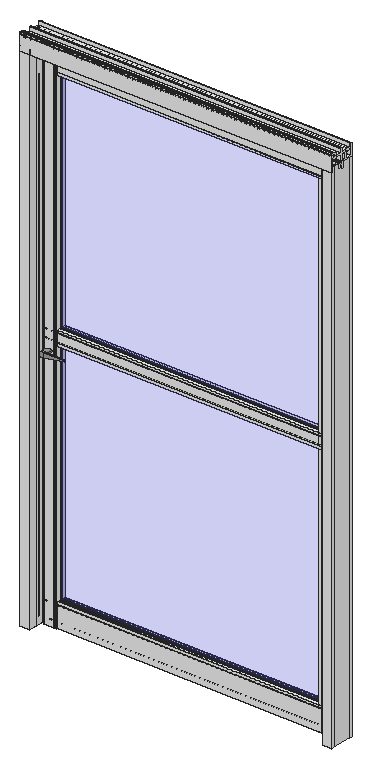
Revit family "Door-Systems_Health-Care_TX9650SR_Single-Left-Hand-Outswing-SOLH-Smoke-Rated_Tormax", category Doors, host Wall, Revit 2026
Family settings
  Host = Wall
  Classification Number = 23.30.10.00
  Always vertical = Yes
  Cut with Voids When Loaded = No
  Shared = No
  Room Calculation Point = No
Parameters
  URL = "https://www.tormaxusa.com/en/90/tx9650/"
  Thickness = 0' - 1.75092"
  Specification = "https://www.arcat.com/company/tormax-usa-inc-43969/spec"
  Rough Width = Width + (Thickness * 2)  # 4' - 9.50184"
  Rough Height = Height + 0' 2 3/16"  # 8' - 2 3/16"
  Product Page URL = "https://www.arcat.com/arcatcos/cos43/arc43969.html"
  Model = "TX9650SR"
  Manufacturer = "TORMAX USA Inc."
  Keynote = "08 42 43"
  Handle Height = 4' - 0"
  Handle = Stainless Steel
  Glass = Glass
  Function = Interior
  Frame Projection Ext. = 0' - 1"
  Frame Projection Int. = 0' - 1"
  Frame Width = 0' - 3"
  Height = 8' - 0"
  Wall Closure = By host
  Width = 4' - 6"
  Door Width = 3' - 6"
  Door Frame = Alluminum
  Description = "Tormax Health Care Door System (HCD) - TX9650R Manual Single Outswing Door Operator - Package as Specified"
  Define Thermal Properties by = Schematic Type
  Copyright = "©Arcat Inc."
  CAD Details = "https://www.arcat.com/company/tormax-usa-inc-43969/cad"
  Analytic Construction = "<None>"
Reference planes (in)
  plane 1 "Center (Front/Back)": y = 0
  plane 2 "Center (Left/Right)": x = 0
  plane 3 "Left": x = -27
  plane 4 "Right": x = 27
  plane 5 "Top": z = 96
  plane 6 "Exterior": y = 3
  plane 7 "Interior": y = -3
  plane 8: x = 28.75092
  plane 9: x = -28.75092
  plane 10: z = 98.1875
Forms (in)
  Sweep 1, solid, material "Alluminum" <- "Door Frame"
    path origin (0, 3, 0) x (1, 0, 0) y (0, 0, 1)
      loop
        line (-28.75092, 96) -> (28.75092, 96)
    profile "Head Profile : Head Profile" origin (0, 3, 96) x (0, 0, 1) y (0, -1, 0)
      loop
        line (2.07087, 0.00447) -> (2.07087, 0.07016) -> (2.12147, 0.07016) -> (2.12147, 0.11542) -> (0.13049, 0.11542) -> (0.13049, 1.28332) -> (1.28703, 1.28332) -> (1.28703, 1.96647) -> (1.16941, 1.96647) -> (1.16941, 1.40933) -> (0.13049, 1.40933) -> (0.13049, 2.11742) -> (-0.34046, 2.11742) -> (-0.34046, 2.54333) -> (-0.44964, 2.54333) -> (-0.44964, 2.12523) -> (-1.05347, 2.12523) -> (-1.05347, 2.00594) -> (-0.86973, 2.00594) -> (-0.86973, 2.08776) -> (-0.73733, 2.08776) -> (-0.73733, 2.00594) -> (0.0037, 2.00594) -> (0.0037, 0.00447) -> (2.07087, 0.00447)
      loop
        line (1.89903, 4.5) -> (-0.80074, 4.5) -> (-0.80074, 4.39128) -> (1.71219, 4.39128) -> (1.71219, 4.26217) -> (1.6199, 4.26217)
        arc (1.6199, 4.26217) -> (1.58463, 4.166) -> (1.68682, 4.17308) r 0.06103
        line (1.68682, 4.17308) -> (1.81028, 4.17308)
        arc (1.81028, 4.17308) -> (1.83465, 4.17856) -> (1.85254, 4.19598) r 0.04595
        line (1.85254, 4.19598) -> (1.8994, 4.27716) -> (2.00592, 4.27716) -> (2.00592, 4.41638) -> (1.89903, 4.41638) -> (1.89903, 4.5)
      loop
        line (2.19145, 0) -> (2.19145, 0.25029) -> (1.55712, 0.25029) -> (1.55712, 2.13246) -> (2.18204, 2.13246) -> (2.18204, 2.38356) -> (1.5572, 2.38356) -> (1.5572, 3.50069) -> (1.67788, 3.50069)
        arc (1.67788, 3.50069) -> (2.0468, 3.66107) -> (2.18116, 4.04025) r 0.50449
        line (2.18116, 4.04025) -> (2.18116, 4.2426) -> (2.19145, 4.28099) -> (2.19145, 4.5) -> (1.97839, 4.5) -> (1.97839, 4.46002) -> (2.02062, 4.44841)
        arc (2.02062, 4.44841) -> (2.07942, 4.19256) -> (2.00844, 3.93981) r 0.53091
        line (2.00844, 3.93981) -> (1.89924, 3.75067) -> (1.82248, 3.75067) -> (1.82248, 3.62583) -> (1.55713, 3.62583) -> (1.55713, 4.28268) -> (1.68102, 4.28268) -> (1.68102, 4.34393) -> (1.43147, 4.34393) -> (1.43147, 4.27462) -> (1.30542, 4.27462) -> (1.30542, 4.3746) -> (1.20564, 4.3746) -> (1.20564, 4.17408) -> (1.43147, 4.17408) -> (1.43147, 3.98165) -> (1.27929, 3.98165)
        arc (1.27929, 3.98165) -> (1.22683, 3.95993) -> (1.2051, 3.90747) r 0.07419
        line (1.2051, 3.90747) -> (1.2051, 3.86824) -> (1.24439, 3.84646)
        arc (1.24439, 3.84646) -> (1.41333, 3.80996) -> (1.24376, 3.7765) r 0.08825
        line (1.24376, 3.7765) -> (1.2051, 3.75507) -> (1.2051, 3.71789)
        arc (1.2051, 3.71789) -> (1.22763, 3.66349) -> (1.28202, 3.64096) r 0.07693
        line (1.28202, 3.64096) -> (1.43147, 3.64096) -> (1.43147, 3.03399) -> (1.31918, 3.03399) -> (1.31918, 2.51003) -> (1.03004, 2.51003) -> (1.03004, 2.38356) -> (0.18057, 2.38356) -> (0.18057, 2.48354) -> (0.00134, 2.48354)
        arc (0.00134, 2.48354) -> (-0.16752, 2.6524) -> (0.00134, 2.82126) r 0.16886
        line (0.00134, 2.82126) -> (0.15149, 2.82126) -> (0.15149, 2.93181) -> (-0.14841, 2.93181) -> (-0.14841, 2.88514) -> (-0.80197, 2.88514) -> (-0.80197, 2.75986) -> (-0.32375, 2.75986) -> (-0.32375, 2.13656) -> (1.30744, 2.13656) -> (1.30744, 1.46675) -> (1.43178, 1.46675) -> (1.43178, 0.86509) -> (1.2796, 0.86509)
        arc (1.2796, 0.86509) -> (1.22714, 0.84336) -> (1.20541, 0.7909) r 0.07419
        line (1.20541, 0.7909) -> (1.20541, 0.75167) -> (1.2447, 0.72989)
        arc (1.2447, 0.72989) -> (1.41364, 0.69339) -> (1.24407, 0.65993) r 0.08825
        line (1.24407, 0.65993) -> (1.20541, 0.6385) -> (1.20541, 0.60132)
        arc (1.20541, 0.60132) -> (1.22794, 0.54693) -> (1.28234, 0.5244) r 0.07693
        line (1.28234, 0.5244) -> (1.43178, 0.5244) -> (1.43178, 0.12541) -> (2.13267, 0.12541) -> (2.13267, 0.05811) -> (2.08123, 0.05811) -> (2.08123, 0) -> (2.19145, 0)
  Sweep 2, solid, material "Alluminum" <- "Door Frame"
    path origin (0, 3, 0) x (1, 0, 0) y (0, 0, 1)
      loop
        line (27, 96) -> (27, 0)
    profile "Fram Profile : Fram Profile" origin (27, 3, 48) x (1, 0, 0) y (0, -1, 0)
      loop
        line (0, 2.97205) -> (0, 1.52795) -> (0.05846, 1.52795) -> (0.05846, 1.67877) -> (0.32461, 1.67877) -> (0.32461, 1.74273) -> (0.05846, 1.74273) -> (0.05846, 2.75727) -> (0.32461, 2.75727) -> (0.32461, 2.82123) -> (0.05846, 2.82123) -> (0.05846, 2.97205) -> (0, 2.97205)
      loop
        line (0, 4.5) -> (0, 3.10868) -> (0.25934, 3.10868) -> (0.25934, 2.97205) -> (0.09257, 2.97205) -> (0.09257, 2.90809) -> (0.32461, 2.90809) -> (0.32461, 3.00647) -> (0.86871, 3.00647)
        arc (0.86871, 3.00647) -> (0.94015, 2.97688) -> (0.96975, 2.90544) r 0.10104
        line (0.96975, 2.90544) -> (0.96975, 1.5892)
        arc (0.96975, 1.5892) -> (0.94112, 1.52008) -> (0.872, 1.49145) r 0.09775
        line (0.872, 1.49145) -> (0.32461, 1.49145) -> (0.32461, 1.58409) -> (0.09452, 1.58409) -> (0.09452, 1.52795) -> (0.25934, 1.52795) -> (0.25934, 1.39095) -> (0, 1.39095) -> (0, 0) -> (1.75092, 0) -> (1.75092, 0.44266) -> (1.6377, 0.44266) -> (1.6377, 0.54286)
        arc (1.6377, 0.54286) -> (1.59955, 0.55152) -> (1.56354, 0.53623) r 0.06366
        line (1.56354, 0.53623) -> (1.56354, 0.43192)
        arc (1.56354, 0.43192) -> (1.58102, 0.38055) -> (1.6262, 0.35049) r 0.08425
        line (1.6262, 0.35049) -> (1.6262, 0.12617) -> (0.12648, 0.12617) -> (0.12648, 1.23875)
        arc (0.12648, 1.23875) -> (0.26056, 1.27088) -> (0.35983, 1.36656) r 0.2623
        line (0.35983, 1.36656) -> (0.87958, 1.36656)
        arc (0.87958, 1.36656) -> (1.0318, 1.42961) -> (1.09485, 1.58183) r 0.21527
        line (1.09485, 1.58183) -> (1.09485, 2.91261)
        arc (1.09485, 2.91261) -> (1.03078, 3.06729) -> (0.87611, 3.13136) r 0.21875
        line (0.87611, 3.13136) -> (0.36106, 3.13136)
        arc (0.36106, 3.13136) -> (0.26162, 3.22854) -> (0.12648, 3.26125) r 0.2623
        line (0.12648, 3.26125) -> (0.12648, 4.37383) -> (1.6262, 4.37383) -> (1.6262, 4.14951)
        arc (1.6262, 4.14951) -> (1.58102, 4.11945) -> (1.56354, 4.06808) r 0.08425
        line (1.56354, 4.06808) -> (1.56354, 3.95596)
        arc (1.56354, 3.95596) -> (1.59955, 3.94067) -> (1.6377, 3.94933) r 0.06366
        line (1.6377, 3.94933) -> (1.6377, 4.06515) -> (1.75092, 4.06515) -> (1.75092, 4.5) -> (0, 4.5)
      loop
        line (1.75092, 4.02192) -> (1.67858, 4.02192) -> (1.67858, 3.85504) -> (1.5616, 3.85504) -> (1.5616, 3.9107) -> (1.37397, 3.84241)
        arc (1.37397, 3.84241) -> (1.35263, 3.79664) -> (1.3984, 3.77529) r 0.03571
        line (1.3984, 3.77529) -> (1.52925, 3.82291) -> (1.54815, 3.78738) -> (1.67858, 3.78738) -> (1.67858, 1.69582) -> (1.19678, 1.69582) -> (1.19678, 1.61181) -> (1.67858, 1.61181) -> (1.67858, 0.71262) -> (1.54815, 0.71262) -> (1.52925, 0.67709) -> (1.3984, 0.72471)
        arc (1.3984, 0.72471) -> (1.35263, 0.70336) -> (1.37397, 0.65759) r 0.03571
        line (1.37397, 0.65759) -> (1.5616, 0.5893) -> (1.5616, 0.64496) -> (1.67858, 0.64496) -> (1.67858, 0.48435) -> (1.75092, 0.48435) -> (1.75092, 4.02192)
  Sweep 3, solid, material "Alluminum" <- "Door Frame"
    path origin (0, 3, 0) x (1, 0, 0) y (0, 0, 1)
      loop
        line (-27, 96) -> (-27, 0)
    profile "Fram Profile : Fram Profile" origin (-27, 3, 48) x (1, 0, 0) y (0, -1, 0)
      loop
        line (0, 1.52795) -> (0, 2.97205) -> (-0.05846, 2.97205) -> (-0.05846, 2.82123) -> (-0.32461, 2.82123) -> (-0.32461, 2.75727) -> (-0.05846, 2.75727) -> (-0.05846, 1.74273) -> (-0.32461, 1.74273) -> (-0.32461, 1.67877) -> (-0.05846, 1.67877) -> (-0.05846, 1.52795) -> (0, 1.52795)
      loop
        line (0, 0) -> (0, 1.39132) -> (-0.25934, 1.39132) -> (-0.25934, 1.52795) -> (-0.09257, 1.52795) -> (-0.09257, 1.59191) -> (-0.32461, 1.59191) -> (-0.32461, 1.49353) -> (-0.86871, 1.49353)
        arc (-0.86871, 1.49353) -> (-0.94015, 1.52312) -> (-0.96975, 1.59456) r 0.10104
        line (-0.96975, 1.59456) -> (-0.96975, 2.9108)
        arc (-0.96975, 2.9108) -> (-0.94112, 2.97992) -> (-0.872, 3.00855) r 0.09775
        line (-0.872, 3.00855) -> (-0.32461, 3.00855) -> (-0.32461, 2.91591) -> (-0.09452, 2.91591) -> (-0.09452, 2.97205) -> (-0.25934, 2.97205) -> (-0.25934, 3.10905) -> (0, 3.10905) -> (0, 4.5) -> (-1.75092, 4.5) -> (-1.75092, 4.05734) -> (-1.6377, 4.05734) -> (-1.6377, 3.95714)
        arc (-1.6377, 3.95714) -> (-1.59955, 3.94848) -> (-1.56354, 3.96377) r 0.06366
        line (-1.56354, 3.96377) -> (-1.56354, 4.06808)
        arc (-1.56354, 4.06808) -> (-1.58102, 4.11945) -> (-1.6262, 4.14951) r 0.08425
        line (-1.6262, 4.14951) -> (-1.6262, 4.37383) -> (-0.12648, 4.37383) -> (-0.12648, 3.26125)
        arc (-0.12648, 3.26125) -> (-0.26056, 3.22912) -> (-0.35983, 3.13344) r 0.2623
        line (-0.35983, 3.13344) -> (-0.87958, 3.13344)
        arc (-0.87958, 3.13344) -> (-1.0318, 3.07039) -> (-1.09485, 2.91817) r 0.21527
        line (-1.09485, 2.91817) -> (-1.09485, 1.58739)
        arc (-1.09485, 1.58739) -> (-1.03078, 1.43271) -> (-0.87611, 1.36864) r 0.21875
        line (-0.87611, 1.36864) -> (-0.36106, 1.36864)
        arc (-0.36106, 1.36864) -> (-0.26162, 1.27146) -> (-0.12648, 1.23875) r 0.2623
        line (-0.12648, 1.23875) -> (-0.12648, 0.12617) -> (-1.6262, 0.12617) -> (-1.6262, 0.35049)
        arc (-1.6262, 0.35049) -> (-1.58102, 0.38055) -> (-1.56354, 0.43192) r 0.08425
        line (-1.56354, 0.43192) -> (-1.56354, 0.54404)
        arc (-1.56354, 0.54404) -> (-1.59955, 0.55933) -> (-1.6377, 0.55067) r 0.06366
        line (-1.6377, 0.55067) -> (-1.6377, 0.43485) -> (-1.75092, 0.43485) -> (-1.75092, 0) -> (0, 0)
      loop
        line (-1.75092, 0.47808) -> (-1.67858, 0.47808) -> (-1.67858, 0.64496) -> (-1.5616, 0.64496) -> (-1.5616, 0.5893) -> (-1.37397, 0.65759)
        arc (-1.37397, 0.65759) -> (-1.35263, 0.70336) -> (-1.3984, 0.72471) r 0.03571
        line (-1.3984, 0.72471) -> (-1.52925, 0.67709) -> (-1.54815, 0.71262) -> (-1.67858, 0.71262) -> (-1.67858, 2.80418) -> (-1.19678, 2.80418) -> (-1.19678, 2.88819) -> (-1.67858, 2.88819) -> (-1.67858, 3.78738) -> (-1.54815, 3.78738) -> (-1.52925, 3.82291) -> (-1.3984, 3.77529)
        arc (-1.3984, 3.77529) -> (-1.35263, 3.79664) -> (-1.37397, 3.84241) r 0.03571
        line (-1.37397, 3.84241) -> (-1.5616, 3.9107) -> (-1.5616, 3.85504) -> (-1.67858, 3.85504) -> (-1.67858, 4.01565) -> (-1.75092, 4.01565) -> (-1.75092, 0.47808)
Lines and regions (in)
  Opening 1
    outline origin (-90, -3, 0) x (1, 0, 0) y (0, 0, 1)
      loop
        line (60.99908, 0) -> (119.00092, 0) -> (119.00092, 98.4375) -> (60.99908, 98.4375) -> (60.99908, 0)
  symbolic lines, style "Elevation Swing"
    curve 1: line (-27, 3, 0) -> (27, 3, 48)
    curve 2: line (27, 3, 48) -> (-27, 3, 96)
Text (in)
  text "Exterior" at (-74.96733, 27.31104, 0), in view "Ref. Level"
  text "Interior" at (-74.96733, -25.14366, 0), in view "Ref. Level"
  text "Exterior" at (0, 40.15149, 123.01588), in view "Right"
  text "Interior" at (0, -64.39139, 123.01588), in view "Right"
  text "Interior" at (0, -31.01599, 123.00693), in view "Left"
  text "Exterior" at (0, 54.57065, 123.00693), in view "Left"
Dimensions and locks (in)
  equal spacing: plane 3 "Left", plane 2 "Center (Left/Right)", plane 4 "Right"
  "Height": level to plane 5 "Top"
  "Width": plane 3 "Left" to plane 4 "Right"
  host wall to plane 5 "Top" = 8' - 0"
  "Thickness": plane 8 to plane 4 "Right"
  "Thickness": plane 9 to plane 3 "Left"
  equal spacing: host wall, curve 2, plane 5 "Top"
  locked: plane 5 "Top" to plane 10 at 2.1875
  locked: plane 10 to Opening 1 sketch curve at 0.25
  locked: Opening 1 sketch curve to plane 9 at 0.25
  locked: Opening 1 sketch curve to plane 8 at 0.25
  aligned and locked: Opening 1 sketch curve to level
  aligned and locked: plane 6 "Exterior" to host wall
  aligned and locked: plane 7 "Interior" to host wall
  aligned and locked: plane 5 "Top" to Sweep 1 sketch curve
  aligned and locked: plane 4 "Right" to Sweep 2 sketch curve
  aligned and locked: plane 5 "Top" to Sweep 2 sketch curve
  aligned and locked: level to Sweep 2 sketch curve
  aligned and locked: plane 5 "Top" to Sweep 3 sketch curve
  aligned and locked: level to Sweep 3 sketch curve
  aligned and locked: plane 8 to Sweep 1 sketch curve
  aligned and locked: plane 9 to Sweep 1 sketch curve
  aligned and locked: curve 2 to plane 5 "Top"
  aligned and locked: plane 3 "Left" to nested 1
  aligned and locked: nested 2 to plane 6 "Exterior"
  aligned and locked: plane 6 "Exterior" to nested 1
Automatic sketch dimensions
  plane 4 "Right" to curve 1 = 0' - 0"
  plane 3 "Left" to curve 2 = 0' - 0"
  curve 1 to level = 0' - 0"
  plane 3 "Left" to curve 1 = 0' - 0"
  plane 3 "Left" to Sweep 3 sketch curve = 0' - 0"
Nested families (in)
  nested 1: "Tormax-Door_Swing-Plan" at (0, 3, 0), Door Panel Width <- "Width", type "Tormax-Door_Swing-Plan"
    with breakoutswing yes, Door Panel Width 4' - 6", Door Panel Thickness 0' - 1 3/4", Breakout Angle 135.00°
  nested 2: "Door-1" at (0, 2.09301, 0), type "Door-1"
    with Width 4' - 6"
Definition of nested family "Door-1"
  Parameters (values of type "Door-1")
    Width = 3' - 6"
    Height = 8' - 0"
    Handle Height = 4' - 0"
    Handle = none
    Glass = none
    Door Frame = none
    Define Thermal Properties by = 1
    Default Elevation = 0' - 0"
  Reference planes (in)
    plane 1 "Center (Front/Back)": y = 0
    plane 2: z = 0
    plane 3 "Center (Left/Right)": x = 0
    plane 4: x = -21
    plane 5: x = 21
    plane 6: z = 96
    plane 7: z = 48
    plane 8: y = 0.06557
    plane 9: y = -0.06557
    plane 10: x = -19.65625
    plane 11: y = -0.90699
    plane 12: y = 0.90699
  Forms (in)
    Sweep 1, solid, material <- "Door Frame"
      path origin (0, 0, 0) x (1, 0, 0) y (0, 0, 1)
        loop
          line (-20.64876, 0) -> (20.65649, 0)
      profile "Door Fram Profile : Door Fram Profile" origin (0.00387, 0, 0) x (0, 0, 1) y (0, -1, 0)
        loop
          line (4.41471, -0.33919) -> (4.41471, -0.29367) -> (4.36245, -0.29367) -> (4.36245, -0.19109) -> (4.54427, -0.19109) -> (4.59558, -0.09459) -> (4.57047, -0.06948) -> (4.51849, -0.12146) -> (4.3093, -0.12146) -> (4.3093, -0.29367) -> (4.25415, -0.29367) -> (4.25415, -0.33919) -> (4.41471, -0.33919)
        loop
          line (4.41471, 0.33919) -> (4.25415, 0.33919) -> (4.25415, 0.29367) -> (4.3093, 0.29367) -> (4.3093, 0.12146) -> (4.51849, 0.12146) -> (4.57047, 0.06948) -> (4.59558, 0.09459) -> (4.54427, 0.19109) -> (4.36245, 0.19109) -> (4.36245, 0.29367) -> (4.41471, 0.29367) -> (4.41471, 0.33919)
        loop
          line (4.01556, -0.87557) -> (4.49959, -0.87557) -> (4.49959, -0.22518) -> (4.40799, -0.22518) -> (4.40799, -0.26587) -> (4.44525, -0.26587) -> (4.44525, -0.36935) -> (4.23455, -0.36935) -> (4.23455, -0.24243) -> (4.27523, -0.24243) -> (4.27523, -0.20174) -> (4.05907, -0.20174) -> (4.05907, -0.24243) -> (4.19511, -0.24243) -> (4.19511, -0.41894) -> (4.44993, -0.41894) -> (4.44993, -0.8251) -> (4.11541, -0.8251) -> (4.11541, -0.74154) -> (4.05724, -0.74154) -> (4.05724, -0.67346) -> (4.01556, -0.67346) -> (4.01556, -0.87557)
        loop
          line (4.02398, 0.87557) -> (4.02398, 0.72447) -> (3.88809, 0.72447) -> (3.88809, 0.66019) -> (4.08412, 0.66019) -> (4.08412, 0.8251) -> (4.44993, 0.8251) -> (4.44993, 0.41894) -> (4.18554, 0.41894) -> (4.18554, 0.26011) -> (3.97508, 0.26011) -> (3.97508, 0.1901) -> (3.88809, 0.1901) -> (3.88809, 0.13997) -> (3.98741, 0.13997) -> (3.98741, -0.13216) -> (3.88809, -0.13216) -> (3.88809, -0.18229) -> (3.98741, -0.18229) -> (3.98741, -0.3261) -> (4.07974, -0.3261) -> (4.07974, -0.49104) -> (3.95546, -0.61533) -> (3.86626, -0.61533) -> (3.86626, -0.7053)
          arc (3.86626, -0.7053) -> (3.88882, -0.72786) -> (3.91138, -0.7053) r 0.02256
          line (3.91138, -0.7053) -> (3.91138, -0.66662) -> (3.98459, -0.66662) -> (4.12991, -0.5213) -> (4.12991, -0.26303) -> (4.03808, -0.26303) -> (4.03808, -0.18229) -> (4.12503, -0.18229) -> (4.12503, -0.13216) -> (4.0285, -0.13216) -> (4.0285, 0.13997) -> (4.12503, 0.13997) -> (4.12503, 0.21022) -> (4.27812, 0.21022) -> (4.27812, 0.26011) -> (4.23544, 0.26011) -> (4.23544, 0.36935) -> (4.44505, 0.36935) -> (4.44505, 0.26011) -> (4.41012, 0.26011) -> (4.41012, 0.21022) -> (4.49989, 0.21022) -> (4.49989, 0.87557) -> (4.02398, 0.87557)
        loop
          line (1.687, 0.71921) -> (1.687, -0.71921) -> (1.919, -0.71921) -> (1.919, -0.75004) -> (2.40505, -0.75004) -> (2.40505, -0.7192) -> (2.63746, -0.7192) -> (2.63746, -0.59396) -> (2.76949, -0.59396) -> (2.76949, -0.7192) -> (3.03458, -0.7192) -> (3.03458, -0.75004) -> (3.45054, -0.75004) -> (3.45054, -0.71192) -> (3.68724, -0.71192) -> (3.68724, 0.71192) -> (3.45054, 0.71192) -> (3.45054, 0.75004) -> (3.03458, 0.75004) -> (3.03458, 0.7192) -> (2.76949, 0.7192) -> (2.76949, 0.59396) -> (2.63746, 0.59396) -> (2.63746, 0.7192) -> (2.40505, 0.7192) -> (2.40505, 0.75004) -> (1.919, 0.75004) -> (1.919, 0.71921) -> (1.687, 0.71921)
        loop
          line (3.96671, 0.87557) -> (0.03125, 0.87557) -> (0.03125, 0.75004) -> (0.7701, 0.75004) -> (0.7701, 0.52564) -> (0.24797, 0.52564)
          arc (0.24797, 0.52564) -> (0.19813, 0.4758) -> (0.24797, 0.42596) r 0.04984
          line (0.24797, 0.42596) -> (0.90849, 0.42596) -> (1.09559, 0.75004) -> (1.56165, 0.75004) -> (1.56165, -0.75004) -> (0.03125, -0.75004) -> (0.03125, -0.87557) -> (3.96671, -0.87557) -> (3.96671, -0.76566) -> (3.81135, -0.76566) -> (3.81135, 0.76566) -> (3.96671, 0.76566) -> (3.96671, 0.87557)
    Sweep 2, solid, material <- "Door Frame"
      path origin (0, 0, 0) x (1, 0, 0) y (0, 0, 1)
        loop
          line (-20.64876, 96) -> (20.65876, 96)
      profile "Door Fram Profile : Door Fram Profile" origin (0.005, 0, 96) x (0, 0, 1) y (0, -1, 0)
        loop
          line (-4.41471, 0.33919) -> (-4.41471, 0.29367) -> (-4.36245, 0.29367) -> (-4.36245, 0.19109) -> (-4.54427, 0.19109) -> (-4.59558, 0.09459) -> (-4.57047, 0.06948) -> (-4.51849, 0.12146) -> (-4.3093, 0.12146) -> (-4.3093, 0.29367) -> (-4.25415, 0.29367) -> (-4.25415, 0.33919) -> (-4.41471, 0.33919)
        loop
          line (-4.41471, -0.33919) -> (-4.25415, -0.33919) -> (-4.25415, -0.29367) -> (-4.3093, -0.29367) -> (-4.3093, -0.12146) -> (-4.51849, -0.12146) -> (-4.57047, -0.06948) -> (-4.59558, -0.09459) -> (-4.54427, -0.19109) -> (-4.36245, -0.19109) -> (-4.36245, -0.29367) -> (-4.41471, -0.29367) -> (-4.41471, -0.33919)
        loop
          line (-4.01556, 0.87557) -> (-4.49959, 0.87557) -> (-4.49959, 0.22518) -> (-4.40799, 0.22518) -> (-4.40799, 0.26587) -> (-4.44525, 0.26587) -> (-4.44525, 0.36935) -> (-4.23455, 0.36935) -> (-4.23455, 0.24243) -> (-4.27523, 0.24243) -> (-4.27523, 0.20174) -> (-4.05907, 0.20174) -> (-4.05907, 0.24243) -> (-4.19511, 0.24243) -> (-4.19511, 0.41894) -> (-4.44993, 0.41894) -> (-4.44993, 0.8251) -> (-4.11541, 0.8251) -> (-4.11541, 0.74154) -> (-4.05724, 0.74154) -> (-4.05724, 0.67346) -> (-4.01556, 0.67346) -> (-4.01556, 0.87557)
        loop
          line (-4.02398, -0.87557) -> (-4.02398, -0.72447) -> (-3.88809, -0.72447) -> (-3.88809, -0.66019) -> (-4.08412, -0.66019) -> (-4.08412, -0.8251) -> (-4.44993, -0.8251) -> (-4.44993, -0.41894) -> (-4.18554, -0.41894) -> (-4.18554, -0.26011) -> (-3.97508, -0.26011) -> (-3.97508, -0.1901) -> (-3.88809, -0.1901) -> (-3.88809, -0.13997) -> (-3.98741, -0.13997) -> (-3.98741, 0.13216) -> (-3.88809, 0.13216) -> (-3.88809, 0.18229) -> (-3.98741, 0.18229) -> (-3.98741, 0.3261) -> (-4.07974, 0.3261) -> (-4.07974, 0.49104) -> (-3.95546, 0.61533) -> (-3.86626, 0.61533) -> (-3.86626, 0.7053)
          arc (-3.86626, 0.7053) -> (-3.88882, 0.72786) -> (-3.91138, 0.7053) r 0.02256
          line (-3.91138, 0.7053) -> (-3.91138, 0.66662) -> (-3.98459, 0.66662) -> (-4.12991, 0.5213) -> (-4.12991, 0.26303) -> (-4.03808, 0.26303) -> (-4.03808, 0.18229) -> (-4.12503, 0.18229) -> (-4.12503, 0.13216) -> (-4.0285, 0.13216) -> (-4.0285, -0.13997) -> (-4.12503, -0.13997) -> (-4.12503, -0.21022) -> (-4.27812, -0.21022) -> (-4.27812, -0.26011) -> (-4.23544, -0.26011) -> (-4.23544, -0.36935) -> (-4.44505, -0.36935) -> (-4.44505, -0.26011) -> (-4.41012, -0.26011) -> (-4.41012, -0.21022) -> (-4.49989, -0.21022) -> (-4.49989, -0.87557) -> (-4.02398, -0.87557)
        loop
          line (-1.687, -0.71921) -> (-1.687, 0.71921) -> (-1.919, 0.71921) -> (-1.919, 0.75004) -> (-2.40505, 0.75004) -> (-2.40505, 0.7192) -> (-2.63746, 0.7192) -> (-2.63746, 0.59396) -> (-2.76949, 0.59396) -> (-2.76949, 0.7192) -> (-3.03458, 0.7192) -> (-3.03458, 0.75004) -> (-3.45054, 0.75004) -> (-3.45054, 0.71192) -> (-3.68724, 0.71192) -> (-3.68724, -0.71192) -> (-3.45054, -0.71192) -> (-3.45054, -0.75004) -> (-3.03458, -0.75004) -> (-3.03458, -0.7192) -> (-2.76949, -0.7192) -> (-2.76949, -0.59396) -> (-2.63746, -0.59396) -> (-2.63746, -0.7192) -> (-2.40505, -0.7192) -> (-2.40505, -0.75004) -> (-1.919, -0.75004) -> (-1.919, -0.71921) -> (-1.687, -0.71921)
        loop
          line (-3.96671, -0.87557) -> (-0.03125, -0.87557) -> (-0.03125, -0.75004) -> (-0.7701, -0.75004) -> (-0.7701, -0.52564) -> (-0.24797, -0.52564)
          arc (-0.24797, -0.52564) -> (-0.19813, -0.4758) -> (-0.24797, -0.42596) r 0.04984
          line (-0.24797, -0.42596) -> (-0.90849, -0.42596) -> (-1.09559, -0.75004) -> (-1.56165, -0.75004) -> (-1.56165, 0.75004) -> (-0.03125, 0.75004) -> (-0.03125, 0.87557) -> (-3.96671, 0.87557) -> (-3.96671, 0.76566) -> (-3.81135, 0.76566) -> (-3.81135, -0.76566) -> (-3.96671, -0.76566) -> (-3.96671, -0.87557)
    Sweep 3, solid, material <- "Door Frame"
      path origin (0, 0, 0) x (1, 0, 0) y (0, 0, 1)
        loop
          line (-20.64876, 48) -> (20.65876, 48)
      profile "Door Fram Central  Profile : Door Fram Central  Profile" origin (0.005, 0, 48) x (0, 0, 1) y (0, -1, 0)
        loop
          line (0.64051, 0.51895) -> (0.42826, 0.51895) -> (0.42826, 0.72056) -> (0.1755, 0.72056) -> (0.1755, 0.76165) -> (-0.26534, 0.76165) -> (-0.26534, 0.72056) -> (-0.52214, 0.72056) -> (-0.52214, -0.72056) -> (-0.26534, -0.72056) -> (-0.26534, -0.76165) -> (0.1755, -0.76165) -> (0.1755, -0.72056) -> (0.42826, -0.72056) -> (0.42826, -0.51895) -> (0.64051, -0.51895) -> (0.64051, 0.51895)
        loop
          line (0.92183, 0.87166) -> (-0.78121, 0.87166) -> (-0.78121, 0.76165) -> (-0.64733, 0.76165) -> (-0.64733, -0.76165) -> (-0.78121, -0.76165) -> (-0.78121, -0.87166) -> (0.92183, -0.87166) -> (0.92183, -0.76165) -> (0.7909, -0.76165) -> (0.7909, 0.76165) -> (0.92183, 0.76165) -> (0.92183, 0.87166)
        loop
          line (-1.22085, -0.3431) -> (-1.06028, -0.3431) -> (-1.06028, -0.29757) -> (-1.11543, -0.29757) -> (-1.11543, -0.12536) -> (-1.32462, -0.12536) -> (-1.37661, -0.07338) -> (-1.40171, -0.09849) -> (-1.3504, -0.195) -> (-1.16859, -0.195) -> (-1.16859, -0.29757) -> (-1.22085, -0.29757) -> (-1.22085, -0.3431)
        loop
          line (-1.22085, 0.33529) -> (-1.22085, 0.28976) -> (-1.16859, 0.28976) -> (-1.16859, 0.18718) -> (-1.3504, 0.18718) -> (-1.40171, 0.09068) -> (-1.37661, 0.06557) -> (-1.32462, 0.11755) -> (-1.11543, 0.11755) -> (-1.11543, 0.28976) -> (-1.06028, 0.28976) -> (-1.06028, 0.33529) -> (-1.22085, 0.33529)
        loop
          line (-0.82169, -0.87948) -> (-0.82169, -0.67736) -> (-0.86337, -0.67736) -> (-0.86337, -0.74544) -> (-0.92154, -0.74544) -> (-0.92154, -0.82901) -> (-1.25606, -0.82901) -> (-1.25606, -0.42284) -> (-1.00124, -0.42284) -> (-1.00124, -0.24634) -> (-0.8652, -0.24634) -> (-0.8652, -0.20564) -> (-1.08136, -0.20564) -> (-1.08136, -0.24634) -> (-1.04068, -0.24634) -> (-1.04068, -0.37326) -> (-1.25138, -0.37326) -> (-1.25138, -0.26978) -> (-1.21412, -0.26978) -> (-1.21412, -0.22908) -> (-1.30572, -0.22908) -> (-1.30572, -0.87948) -> (-0.82169, -0.87948)
        loop
          line (-0.83011, 0.87166) -> (-1.30603, 0.87166) -> (-1.30603, 0.20631) -> (-1.21625, 0.20631) -> (-1.21625, 0.2562) -> (-1.25118, 0.2562) -> (-1.25118, 0.36545) -> (-1.04157, 0.36545) -> (-1.04157, 0.2562) -> (-1.08425, 0.2562) -> (-1.08425, 0.20631) -> (-0.93116, 0.20631) -> (-0.93116, 0.13607) -> (-0.83464, 0.13607) -> (-0.83464, -0.13607) -> (-0.93116, -0.13607) -> (-0.93116, -0.18619) -> (-0.84421, -0.18619) -> (-0.84421, -0.26694) -> (-0.93604, -0.26694) -> (-0.93604, -0.52521) -> (-0.79072, -0.67053) -> (-0.71751, -0.67053) -> (-0.71751, -0.70921)
          arc (-0.71751, -0.70921) -> (-0.69495, -0.73177) -> (-0.6724, -0.70921) r 0.02256
          line (-0.6724, -0.70921) -> (-0.6724, -0.61923) -> (-0.76159, -0.61923) -> (-0.88587, -0.49495) -> (-0.88587, -0.33001) -> (-0.79354, -0.33001) -> (-0.79354, -0.18619) -> (-0.69423, -0.18619) -> (-0.69423, -0.13607) -> (-0.79354, -0.13607) -> (-0.79354, 0.13607) -> (-0.69423, 0.13607) -> (-0.69423, 0.18619) -> (-0.78121, 0.18619) -> (-0.78121, 0.2562) -> (-0.99167, 0.2562) -> (-0.99167, 0.41503) -> (-1.25606, 0.41503) -> (-1.25606, 0.8212) -> (-0.89025, 0.8212) -> (-0.89025, 0.65629) -> (-0.69423, 0.65629) -> (-0.69423, 0.72056) -> (-0.83011, 0.72056) -> (-0.83011, 0.87166)
        loop
          line (1.36147, -0.3431) -> (1.36147, -0.29757) -> (1.30921, -0.29757) -> (1.30921, -0.195) -> (1.49103, -0.195) -> (1.54234, -0.09849) -> (1.51723, -0.07338) -> (1.46525, -0.12536) -> (1.25606, -0.12536) -> (1.25606, -0.29757) -> (1.2009, -0.29757) -> (1.2009, -0.3431) -> (1.36147, -0.3431)
        loop
          line (1.36147, 0.33529) -> (1.2009, 0.33529) -> (1.2009, 0.28976) -> (1.25606, 0.28976) -> (1.25606, 0.11755) -> (1.46525, 0.11755) -> (1.51723, 0.06557) -> (1.54234, 0.09068) -> (1.49103, 0.18718) -> (1.30921, 0.18718) -> (1.30921, 0.28976) -> (1.36147, 0.28976) -> (1.36147, 0.33529)
        loop
          line (0.96232, -0.87948) -> (1.44635, -0.87948) -> (1.44635, -0.22908) -> (1.35475, -0.22908) -> (1.35475, -0.26978) -> (1.39201, -0.26978) -> (1.39201, -0.37326) -> (1.1813, -0.37326) -> (1.1813, -0.24634) -> (1.22199, -0.24634) -> (1.22199, -0.20564) -> (1.00583, -0.20564) -> (1.00583, -0.24634) -> (1.14186, -0.24634) -> (1.14186, -0.42284) -> (1.39669, -0.42284) -> (1.39669, -0.82901) -> (1.06217, -0.82901) -> (1.06217, -0.74544) -> (1.004, -0.74544) -> (1.004, -0.67736) -> (0.96232, -0.67736) -> (0.96232, -0.87948)
        loop
          line (0.97074, 0.87166) -> (0.97074, 0.72056) -> (0.83485, 0.72056) -> (0.83485, 0.65629) -> (1.03088, 0.65629) -> (1.03088, 0.8212) -> (1.39669, 0.8212) -> (1.39669, 0.41503) -> (1.1323, 0.41503) -> (1.1323, 0.2562) -> (0.92183, 0.2562) -> (0.92183, 0.18619) -> (0.83485, 0.18619) -> (0.83485, 0.13607) -> (0.93417, 0.13607) -> (0.93417, -0.13607) -> (0.83485, -0.13607) -> (0.83485, -0.18619) -> (0.93417, -0.18619) -> (0.93417, -0.33001) -> (1.0265, -0.33001) -> (1.0265, -0.49495) -> (0.90222, -0.61923) -> (0.81302, -0.61923) -> (0.81302, -0.70921)
          arc (0.81302, -0.70921) -> (0.83558, -0.73177) -> (0.85814, -0.70921) r 0.02256
          line (0.85814, -0.70921) -> (0.85814, -0.67053) -> (0.93135, -0.67053) -> (1.07667, -0.52521) -> (1.07667, -0.26694) -> (0.98484, -0.26694) -> (0.98484, -0.18619) -> (1.07179, -0.18619) -> (1.07179, -0.13607) -> (0.97526, -0.13607) -> (0.97526, 0.13607) -> (1.07179, 0.13607) -> (1.07179, 0.20631) -> (1.22488, 0.20631) -> (1.22488, 0.2562) -> (1.1822, 0.2562) -> (1.1822, 0.36545) -> (1.39181, 0.36545) -> (1.39181, 0.2562) -> (1.35688, 0.2562) -> (1.35688, 0.20631) -> (1.44665, 0.20631) -> (1.44665, 0.87166) -> (0.97074, 0.87166)
    Sweep 4, solid, material <- "Door Frame"
      path origin (0, 0, 0) x (1, 0, 0) y (0, 0, 1)
        loop
          line (-21, 96) -> (-21, 0)
      profile "TX9650SR-1 : TX9650SR-1" origin (-21, 0, 48) x (1, 0, 0) y (0, -1, 0)
        loop
          line (0.33438, 0.17267) -> (0.2756, 0.17267) -> (0.2756, 0.0829) -> (0.15479, 0.0835)
          arc (0.15479, 0.0835) -> (0.15277, 0.13388) -> (0.15191, 0.18429) r 2.17435
          line (0.15191, 0.18429) -> (0.11299, 0.18429)
          arc (0.11299, 0.18429) -> (0.11465, 0.10897) -> (0.11891, 0.03374) r 2.17435
          line (0.11891, 0.03374) -> (0.2756, 0.03374) -> (0.2756, -0.03876) -> (0.12474, -0.03876)
          arc (0.12474, -0.03876) -> (0.12747, -0.06102) -> (0.13043, -0.08325) r 2.17435
          line (0.13043, -0.08325) -> (0.09804, -0.10327) -> (-0.04978, 0.04456)
          arc (-0.04978, 0.04456) -> (-0.06991, 0.08738) -> (-0.0581, 0.13319) r 0.06977
          line (-0.0581, 0.13319) -> (-0.08038, 0.15492)
          arc (-0.08038, 0.15492) -> (-0.1093, 0.08519) -> (-0.08107, 0.01518) r 0.09969
          line (-0.08107, 0.01518) -> (0.1201, -0.18598) -> (0.18038, -0.15507)
          arc (0.18038, -0.15507) -> (0.1756, -0.12443) -> (0.17125, -0.09372) r 2.17435
          line (0.17125, -0.09372) -> (0.2756, -0.09372) -> (0.2756, -0.17362) -> (0.33438, -0.17362) -> (0.33438, 0.17267)
        loop
          line (2.05007, -0.79295) -> (2.05007, 0.79295) -> (0.44038, 0.79295) -> (0.35834, 0.38905) -> (0.45477, 0.38905) -> (0.45477, -0.38905) -> (0.35834, -0.38905) -> (0.44038, -0.79295) -> (2.05007, -0.79295)
        loop
          line (2.3334, -0.90699) -> (2.3334, -0.79295) -> (2.17418, -0.79295) -> (2.17418, 0.79295) -> (2.3334, 0.79295) -> (2.3334, 0.90699) -> (0.35351, 0.90699)
          arc (0.35351, 0.90699) -> (0.26132, 0.55452) -> (0.22283, 0.19223) r 2.43197
          line (0.22283, 0.19223) -> (0.35124, 0.19223) -> (0.35124, -0.19223) -> (0.22283, -0.19223)
          arc (0.22283, -0.19223) -> (0.26132, -0.55452) -> (0.35351, -0.90699) r 2.43197
          line (0.35351, -0.90699) -> (2.3334, -0.90699)
        loop
          line (2.73836, 0.3431) -> (2.57779, 0.3431) -> (2.57779, 0.29757) -> (2.63686, 0.29757) -> (2.63686, 0.12536) -> (2.84995, 0.12536) -> (2.90193, 0.07338) -> (2.92704, 0.09849) -> (2.88404, 0.17937) -> (2.69001, 0.17937) -> (2.69001, 0.29757) -> (2.73836, 0.29757) -> (2.73836, 0.3431)
        loop
          line (2.73836, -0.33529) -> (2.73836, -0.28976) -> (2.6861, -0.28976) -> (2.6861, -0.17156) -> (2.88404, -0.17156) -> (2.92704, -0.09068) -> (2.90193, -0.06557) -> (2.84995, -0.11755) -> (2.63295, -0.11755) -> (2.63295, -0.28976) -> (2.57779, -0.28976) -> (2.57779, -0.33529) -> (2.73836, -0.33529)
        loop
          line (2.37046, 0.87948) -> (2.37046, 0.71) -> (2.26694, 0.71) -> (2.26694, 0.66369) -> (2.41214, 0.66369) -> (2.41214, 0.82901) -> (2.78139, 0.82901) -> (2.78139, 0.42284) -> (2.49356, 0.42284) -> (2.49356, 0.26294) -> (2.30324, 0.26294) -> (2.30324, 0.194) -> (2.21955, 0.194) -> (2.21955, 0.14388) -> (2.30324, 0.14388) -> (2.30324, -0.12044) -> (2.20393, -0.12044) -> (2.20393, -0.17057) -> (2.30324, -0.17057) -> (2.30324, -0.34059) -> (2.41107, -0.34059) -> (2.41107, -0.61197) -> (2.22047, -0.61197) -> (2.22047, -0.74029) -> (2.26192, -0.74029) -> (2.26192, -0.66175) -> (2.46137, -0.66175) -> (2.46137, -0.28771) -> (2.35355, -0.28771) -> (2.35355, -0.17057) -> (2.44087, -0.17057) -> (2.44087, -0.12044) -> (2.34434, -0.12044) -> (2.34434, 0.14388) -> (2.44087, 0.14388) -> (2.44087, 0.21346) -> (2.59887, 0.21346) -> (2.59887, 0.26197) -> (2.54346, 0.26197) -> (2.54346, 0.37326) -> (2.77671, 0.37326) -> (2.77671, 0.26978) -> (2.73945, 0.26978) -> (2.73945, 0.22908) -> (2.83105, 0.22908) -> (2.83105, 0.87948) -> (2.37046, 0.87948)
        loop
          line (2.37106, -0.87166) -> (2.83135, -0.87166) -> (2.83135, -0.21412) -> (2.74158, -0.21412) -> (2.74158, -0.26401) -> (2.77651, -0.26401) -> (2.77651, -0.36545) -> (2.54346, -0.36545) -> (2.54346, -0.24804) -> (2.60177, -0.24804) -> (2.60177, -0.20241) -> (2.40947, -0.20241) -> (2.40947, -0.24804) -> (2.49356, -0.24804) -> (2.49356, -0.41503) -> (2.78139, -0.41503) -> (2.78139, -0.8212) -> (2.41141, -0.8212) -> (2.41141, -0.68736) -> (2.37106, -0.68736) -> (2.37106, -0.87166)
    Sweep 5, solid, material <- "Door Frame"
      path origin (0, 0, 0) x (1, 0, 0) y (0, 0, 1)
        loop
          line (21, 96) -> (21, 0)
      profile "TX9650SR : TX9650SR" origin (21, 0, 48) x (1, 0, 0) y (0, -1, 0)
        loop
          line (-0.37661, -0.47262) -> (-0.46067, -0.82866) -> (-0.40346, -0.84216) -> (-0.38241, -0.753) -> (-0.28085, -0.77698)
          arc (-0.28085, -0.77698) -> (-0.29214, -0.80587) -> (-0.30384, -0.83459) r 2.17435
          line (-0.30384, -0.83459) -> (-0.25227, -0.87853) -> (-0.01026, -0.72897)
          arc (-0.01026, -0.72897) -> (0.0333, -0.66732) -> (0.02117, -0.59281) r 0.09969
          line (0.02117, -0.59281) -> (-0.0055, -0.60884)
          arc (-0.0055, -0.60884) -> (-0.00453, -0.65614) -> (-0.03396, -0.69319) r 0.06977
          line (-0.03396, -0.69319) -> (-0.2118, -0.80309) -> (-0.23872, -0.77616)
          arc (-0.23872, -0.77616) -> (-0.23073, -0.75521) -> (-0.22296, -0.73418) r 2.17435
          line (-0.22296, -0.73418) -> (-0.36978, -0.69951) -> (-0.35312, -0.62895) -> (-0.20063, -0.66495)
          arc (-0.20063, -0.66495) -> (-0.17919, -0.59272) -> (-0.16027, -0.51979) r 2.17435
          line (-0.16027, -0.51979) -> (-0.19815, -0.51085)
          arc (-0.19815, -0.51085) -> (-0.21057, -0.55972) -> (-0.22411, -0.60828) r 2.17435
          line (-0.22411, -0.60828) -> (-0.34183, -0.58111) -> (-0.3194, -0.48613) -> (-0.37661, -0.47262)
        loop
          line (-2.04007, -0.79295) -> (-0.54247, -0.79295) -> (-0.44922, -0.38905) -> (-0.34937, -0.38905) -> (-0.34937, -0.18191) -> (-0.44884, -0.18191) -> (-0.44884, 0.18191) -> (-0.34937, 0.18191) -> (-0.34937, 0.38905) -> (-0.44922, 0.38905) -> (-0.54247, 0.79295) -> (-2.04007, 0.79295) -> (-2.04007, -0.79295)
        loop
          line (-2.3234, -0.90699) -> (-0.35269, -0.90699)
          arc (-0.35269, -0.90699) -> (-0.32792, -0.85144) -> (-0.30472, -0.79521) r 2.15873
          line (-0.30472, -0.79521) -> (-0.36884, -0.78007) -> (-0.38989, -0.86924) -> (-0.48862, -0.84593) -> (-0.39388, -0.44468) -> (-0.29516, -0.46799) -> (-0.31756, -0.56286) -> (-0.23296, -0.58239)
          arc (-0.23296, -0.58239) -> (-0.15291, 0) -> (-0.23296, 0.58239) r 2.15873
          line (-0.23296, 0.58239) -> (-0.32867, 0.56029) -> (-0.30713, 0.46907) -> (-0.38365, 0.451) -> (-0.47664, 0.84485) -> (-0.40012, 0.86291) -> (-0.37994, 0.77745) -> (-0.30472, 0.79521)
          arc (-0.30472, 0.79521) -> (-0.32792, 0.85144) -> (-0.35269, 0.90699) r 2.15873
          line (-0.35269, 0.90699) -> (-2.3234, 0.90699) -> (-2.3234, 0.79295) -> (-2.16418, 0.79295) -> (-2.16418, -0.79295) -> (-2.3234, -0.79295) -> (-2.3234, -0.90699)
        loop
          line (-2.72836, 0.3431) -> (-2.72836, 0.29757) -> (-2.68001, 0.29757) -> (-2.68001, 0.17937) -> (-2.87404, 0.17937) -> (-2.91704, 0.09849) -> (-2.89193, 0.07338) -> (-2.83995, 0.12536) -> (-2.62686, 0.12536) -> (-2.62686, 0.29757) -> (-2.56779, 0.29757) -> (-2.56779, 0.3431) -> (-2.72836, 0.3431)
        loop
          line (-2.72836, -0.33529) -> (-2.56779, -0.33529) -> (-2.56779, -0.28976) -> (-2.62295, -0.28976) -> (-2.62295, -0.11755) -> (-2.83995, -0.11755) -> (-2.89193, -0.06557) -> (-2.91704, -0.09068) -> (-2.87404, -0.17156) -> (-2.6761, -0.17156) -> (-2.6761, -0.28976) -> (-2.72836, -0.28976) -> (-2.72836, -0.33529)
        loop
          line (-2.36046, 0.87948) -> (-2.82105, 0.87948) -> (-2.82105, 0.22908) -> (-2.72945, 0.22908) -> (-2.72945, 0.26978) -> (-2.76671, 0.26978) -> (-2.76671, 0.37326) -> (-2.53346, 0.37326) -> (-2.53346, 0.26197) -> (-2.58887, 0.26197) -> (-2.58887, 0.21346) -> (-2.43087, 0.21346) -> (-2.43087, 0.14388) -> (-2.33434, 0.14388) -> (-2.33434, -0.12044) -> (-2.43087, -0.12044) -> (-2.43087, -0.17057) -> (-2.34355, -0.17057) -> (-2.34355, -0.28771) -> (-2.45137, -0.28771) -> (-2.45137, -0.66175) -> (-2.25192, -0.66175) -> (-2.25192, -0.74029) -> (-2.21047, -0.74029) -> (-2.21047, -0.61197) -> (-2.40107, -0.61197) -> (-2.40107, -0.34059) -> (-2.29324, -0.34059) -> (-2.29324, -0.17057) -> (-2.19393, -0.17057) -> (-2.19393, -0.12044) -> (-2.29324, -0.12044) -> (-2.29324, 0.14388) -> (-2.20955, 0.14388) -> (-2.20955, 0.194) -> (-2.29324, 0.194) -> (-2.29324, 0.26294) -> (-2.48356, 0.26294) -> (-2.48356, 0.42284) -> (-2.77139, 0.42284) -> (-2.77139, 0.82901) -> (-2.40214, 0.82901) -> (-2.40214, 0.66369) -> (-2.25694, 0.66369) -> (-2.25694, 0.71) -> (-2.36046, 0.71) -> (-2.36046, 0.87948)
        loop
          line (-2.36106, -0.87166) -> (-2.36106, -0.68736) -> (-2.40141, -0.68736) -> (-2.40141, -0.8212) -> (-2.77139, -0.8212) -> (-2.77139, -0.41503) -> (-2.48356, -0.41503) -> (-2.48356, -0.24804) -> (-2.39947, -0.24804) -> (-2.39947, -0.20241) -> (-2.59177, -0.20241) -> (-2.59177, -0.24804) -> (-2.53346, -0.24804) -> (-2.53346, -0.36545) -> (-2.76651, -0.36545) -> (-2.76651, -0.26401) -> (-2.73158, -0.26401) -> (-2.73158, -0.21412) -> (-2.82135, -0.21412) -> (-2.82135, -0.87166) -> (-2.36106, -0.87166)
    Extrusion 6, solid, material <- "Glass"
      sketch origin (0, 0, 0) x (1, 0, 0) y (0, 0, 1)
        loop
          line (-18.6666, 92.03329) -> (-18.6666, 48.97074) -> (18.63954, 48.97074) -> (18.63954, 92.03329) -> (-18.6666, 92.03329)
        loop
          line (-18.6666, 47.21879) -> (-18.6666, 3.96671) -> (18.6766, 3.96671) -> (18.6766, 47.21879) -> (-18.6666, 47.21879)
      from -0.06557 to 0.06557
  Dimensions and locks (in)
    equal spacing: plane 5, plane 3 "Center (Left/Right)", plane 4
    "Width": plane 5 to plane 4
    "Height": plane 6 to level
    "Handle Height": plane 7 to level
    plane 8 to plane 1 "Center (Front/Back)" to plane 9 = 0' - 0.06557" locked, 0' - 0.06557" locked
    plane 10 to plane 4 = 0' - 1 11/32"
    plane 12 to plane 1 "Center (Front/Back)" to plane 11 = 0' - 0.90699" locked, 0' - 0.90699" locked
    plane 12 to plane 11 = 0' - 1.81397"
    aligned and locked: plane 2 to level
    aligned and locked: Sweep 2 sketch curve to plane 6
    aligned and locked: Sweep 3 sketch curve to plane 7
    aligned and locked: Sweep 4 sketch curve to plane 4
    aligned and locked: plane 6 to Sweep 4 sketch curve
    aligned and locked: level to Sweep 4 sketch curve
    aligned and locked: Sweep 5 sketch curve to plane 5
    aligned and locked: plane 6 to Sweep 5 sketch curve
    aligned and locked: level to Sweep 5 sketch curve
    aligned and locked: Sweep 2 to Extrusion 6 sketch curve
    aligned and locked: Sweep 4 to Extrusion 6 sketch curve  (x2)
    aligned and locked: Sweep 5 to Extrusion 6 sketch curve  (x2)
    aligned and locked: Sweep 3 to Extrusion 6 sketch curve  (x2)
    aligned and locked: Sweep 1 to Extrusion 6 sketch curve
    aligned and locked: Extrusion 6 to plane 8
    aligned and locked: Extrusion 6 to plane 9
    aligned and locked: plane 7 to nested 1
    aligned and locked: plane 10 to nested 1
    aligned and locked: nested 1 to plane 11
  Automatic sketch dimensions
    Sweep 1 sketch curve to level = 0' - 0"
    plane 4 to Sweep 1 sketch curve = 0' - 0.35124"
    plane 4 to Sweep 2 sketch curve = 0' - 0.35124"
    plane 4 to Sweep 3 sketch curve = 0' - 0.35124"
    Sweep 1 sketch curve to plane 5 = 0' - 0.34351"
    Sweep 2 sketch curve to plane 5 = 0' - 0.34124"
    Sweep 3 sketch curve to plane 5 = 0' - 0.34124"
  Nested families (in)
    nested 1: "Pull Handle" at (-19.65625, -0.90699, 48), type "Pull Handle"
  Definition of nested family "Pull Handle"
    Parameters (values of type "Pull Handle")
      Handle = none
      Default Elevation = 0' - 0"
    Reference planes (in)
      plane 1 "Center (Front/Back)": y = 0
      plane 2: z = 0
      plane 3 "Center (Left/Right)": x = 0
      plane 4: z = 0
      plane 5: x = -0.87258
      plane 6: x = 0.87258
      plane 7: z = 4
      plane 8: z = -4
      plane 9: y = -0.75
      plane 10: y = 1.8125
    Forms (in)
      Sweep 1, solid, material <- "Handle"
        path origin (0, 0, -2.5) x (1, 0, 0) y (0, 1, 0)
          loop
            line (0, 0) -> (0, -2.25)
        profile origin (0, -1.125, -2.5) x (1, 0, 0) y (0, 0, 1)
          loop
            circle (0, 0) r 0.42048
      Extrusion 2, solid, material <- "Handle"
        sketch origin (0, 0, 0) x (1, 0, 0) y (0, 0, 1)
          loop
            line (-0.87258, 4) -> (-0.87258, -4) -> (0.87258, -4) -> (0.87258, 4) -> (-0.87258, 4)
        from 0 to 0.75
      Extrusion 3, solid, material <- "Handle"
        sketch origin (0, 0, 0) x (1, 0, 0) y (0, 1, 0)
          loop
            line (-0.50407, -2.25) -> (-0.50407, -2.5) -> (0.375, -2.5)
            arc (0.375, -2.5) -> (2.09236, -2.37745) -> (3.77491, -2.01229) r 12.09462
            line (3.77491, -2.01229) -> (3.70873, -1.78147)
            arc (3.70873, -1.78147) -> (2.05825, -2.1323) -> (0.375, -2.25) r 12.09462
            line (0.375, -2.25) -> (-0.50407, -2.25)
        from -3.08348 to -1.93832
      Extrusion 4, void
        sketch origin (0, 0, 0) x (1, 0, 0) y (0, 0, 1)
          loop
            line (0.01133, -2.07894) -> (4.11465, -2.37459) -> (4.11465, -1.54647) -> (-0.87258, -1.54647) -> (-0.87258, -3.54647) -> (4.11465, -3.54647) -> (4.11465, -2.62541) -> (-0.01133, -2.91882)
            arc (-0.01133, -2.91882) -> (-0.41994, -2.48755) -> (0.01133, -2.07894) r 0.42009
        from 1.69251 to 2.87608
      Sweep 5, void
        path in 3D
          loop
            line (-0.87258, -0.75, -4) -> (0.87258, -0.75, -4) -> (0.87258, -0.75, 4) -> (-0.87258, -0.75, 4) -> (-0.87258, -0.75, -4)
        profile origin (-0.87258, -0.75, 0) x (-1, 0, 0) y (0, -1, 0)
          loop
            line (0, -0.17367) -> (0, 0) -> (-0.17367, 0)
            arc (-0.17367, 0) -> (-0.05087, -0.05087) -> (0, -0.17367) r 0.17367
      Sweep 6, solid, material <- "Handle"
        path origin (0, 0.86528, -2.5) x (1, 0, 0) y (0, 1, 0)
          loop
            line (0, 0) -> (0, 2.25)
        profile origin (0, 1.99028, -2.5) x (-1, 0, 0) y (0, 0, 1)
          loop
            circle (0, 0) r 0.42048
      Extrusion 7, solid, material <- "Handle"
        sketch origin (0, 0.86528, 0) x (1, 0, 0) y (0, 1, 0)
          loop
            line (-0.50407, 2.25) -> (0.375, 2.25)
            arc (0.375, 2.25) -> (2.05825, 2.1323) -> (3.70873, 1.78147) r 12.09462
            line (3.70873, 1.78147) -> (3.77491, 2.01229)
            arc (3.77491, 2.01229) -> (2.09236, 2.37745) -> (0.375, 2.5) r 12.09462
            line (0.375, 2.5) -> (-0.50407, 2.5) -> (-0.50407, 2.25)
        from -3.08348 to -1.93832
      Extrusion 8, void
        sketch origin (0, 0.86528, 0) x (1, 0, 0) y (0, 0, -1)
          loop
            arc (0.01133, 2.07894) -> (-0.41994, 2.48755) -> (-0.01133, 2.91882) r 0.42009
            line (-0.01133, 2.91882) -> (4.11465, 2.62541) -> (4.11465, 3.54647) -> (-0.87258, 3.54647) -> (-0.87258, 1.54647) -> (4.11465, 1.54647) -> (4.11465, 2.37459) -> (0.01133, 2.07894)
        from 1.69251 to 2.87608
    Cuts and joins
      Extrusion 4 cuts Extrusion 3
      Sweep 5 cuts Extrusion 2
      Extrusion 8 cuts Extrusion 7
    Lines and regions (in)
      sketch lines
        curve 1: line (-0.87258, -0.75, 4) -> (-0.87258, -0.75, -4)
        curve 2: line (0.87258, -0.75, 4) -> (-0.87258, -0.75, 4)
        curve 3: line (0.87258, -0.75, -4) -> (0.87258, -0.75, 4)
        curve 4: line (-0.87258, -0.75, -4) -> (0.87258, -0.75, -4)
    Dimensions and locks (in)
      equal spacing: plane 6, plane 3 "Center (Left/Right)", plane 5
      equal spacing: plane 7, plane 2, plane 8
      plane 7 to plane 8 = 0' - 8"
      plane 6 to plane 5 = 0' - 1.74517"
      plane 1 "Center (Front/Back)" to plane 9 = 0' - 0 3/4"
      plane 1 "Center (Front/Back)" to plane 10 = 0' - 1 13/16"
      aligned and locked: plane 2 to level
      aligned and locked: level to plane 4
      aligned and locked: Extrusion 2 sketch curve to plane 7
      aligned and locked: plane 5 to Extrusion 2 sketch curve
      aligned and locked: plane 8 to Extrusion 2 sketch curve
      aligned and locked: Extrusion 2 sketch curve to plane 6
      aligned and locked: Extrusion 2 to plane 9
      aligned and locked: Extrusion 2 to plane 1 "Center (Front/Back)"
    Automatic sketch dimensions
      Sweep 1 sketch curve to plane 3 "Center (Left/Right)" = 0' - 0"
      plane 1 "Center (Front/Back)" to Sweep 1 sketch curve = 0' - 0"
      Sweep 1 sketch curve to plane 9 = 0' - 1 1/2"
      profile plane to Sweep 1 sketch curve = 0' - 0"
      Sweep 1 sketch curve to profile plane = 0' - 0"
      plane 5 to Extrusion 3 sketch curve = 0' - 0.36851"
      plane 3 "Center (Left/Right)" to Extrusion 3 sketch curve = 0' - 0 3/8"
      Extrusion 3 sketch curve to Extrusion 3 sketch curve = 0' - 0"
      Extrusion 3 sketch curve to plane 9 = 0' - 1.03147"
      plane 6 to Extrusion 3 sketch curve = 0' - 2.83615"
      Extrusion 3 sketch curve to plane 9 = 0' - 1.26229"
      Extrusion 3 sketch curve to Extrusion 3 sketch curve = 0' - 0.06619"
      plane 1 "Center (Front/Back)" to Extrusion 3 sketch curve = 0' - 2 1/4"
      Extrusion 3 sketch curve to Extrusion 3 sketch curve = 0' - 0 1/4"
      Extrusion 4 sketch curve to plane 5 = 0' - 0"
      Extrusion 4 sketch curve to plane 3 "Center (Left/Right)" = 0' - 0"
      Extrusion 4 sketch curve to plane 3 "Center (Left/Right)" = 0' - 0.01133"
      plane 3 "Center (Left/Right)" to Extrusion 4 sketch curve = 0' - 0.01133"
      plane 6 to Extrusion 4 sketch curve = 0' - 3.24206"
      plane 8 to Extrusion 4 sketch curve = 0' - 0.45353"
      Extrusion 4 sketch curve to Extrusion 4 sketch curve = 0' - 0"
      Extrusion 4 sketch curve to Extrusion 4 sketch curve = 0' - 0.62765"
      Extrusion 4 sketch curve to Extrusion 4 sketch curve = 0' - 0.92106"
      Extrusion 4 sketch curve to Extrusion 4 sketch curve = 0' - 0.41994"
      Extrusion 4 sketch curve to Extrusion 4 sketch curve = 0' - 0.25082"
      Extrusion 4 sketch curve to Extrusion 4 sketch curve = 0' - 0 53/64"
      Sweep 5 sketch curve to profile plane = 0' - 0"  (x4)
      Sweep 5 sketch curve to Sweep 5 sketch curve = 0' - 0.17367"
      Sweep 5 sketch curve to Sweep 5 sketch curve = 0' - 0"  (x2)
      Sweep 6 sketch curve to plane 3 "Center (Left/Right)" = 0' - 0"
      Sweep 6 sketch curve to plane 1 "Center (Front/Back)" = 0' - 0.86528"
      plane 10 to Sweep 6 sketch curve = 0' - 1.30278"
      Sweep 6 sketch curve to profile plane = 0' - 0"  (x2)
      Extrusion 7 sketch curve to plane 5 = 0' - 0.36851"
      Extrusion 7 sketch curve to plane 3 "Center (Left/Right)" = 0' - 0 3/8"
      Extrusion 7 sketch curve to Extrusion 7 sketch curve = 0' - 0"
      Extrusion 7 sketch curve to plane 10 = 0' - 0.83425"
      Extrusion 7 sketch curve to plane 6 = 0' - 2.83615"
      Extrusion 7 sketch curve to plane 10 = 0' - 1.06507"
      Extrusion 7 sketch curve to Extrusion 7 sketch curve = 0' - 0.06619"
      plane 1 "Center (Front/Back)" to Extrusion 7 sketch curve = 0' - 3.11528"
      Extrusion 7 sketch curve to Extrusion 7 sketch curve = 0' - 0 1/4"
      Extrusion 8 sketch curve to plane 5 = 0' - 0"
      Extrusion 8 sketch curve to plane 3 "Center (Left/Right)" = 0' - 0"
      Extrusion 8 sketch curve to plane 3 "Center (Left/Right)" = 0' - 0.01133"
      plane 3 "Center (Left/Right)" to Extrusion 8 sketch curve = 0' - 0.01133"
      plane 6 to Extrusion 8 sketch curve = 0' - 3.24206"
      plane 8 to Extrusion 8 sketch curve = 0' - 0.45353"
      Extrusion 8 sketch curve to Extrusion 8 sketch curve = 0' - 0"
      Extrusion 8 sketch curve to Extrusion 8 sketch curve = 0' - 0.62765"
      Extrusion 8 sketch curve to Extrusion 8 sketch curve = 0' - 0.92106"
      Extrusion 8 sketch curve to Extrusion 8 sketch curve = 0' - 0.41994"
      Extrusion 8 sketch curve to Extrusion 8 sketch curve = 0' - 0.25082"
      Extrusion 8 sketch curve to Extrusion 8 sketch curve = 0' - 0.53248"
      radius of Sweep 1 sketch curve = 0' - 0.42048"
      radius of Sweep 6 sketch curve = 0' - 0.42048"
Definition of nested family "Tormax-Door_Swing-Plan"
  Parameters (values of type "Tormax-Door_Swing-Plan")
    breakoutswing [instance] = yes
    Width = 0' - 0"
    Thickness = 0' - 0"
    Height = 0' - 0"
    Door Panel Thickness [instance] = 0' - 1 3/4"
    Door Panel Width [instance] = 4' - 0"
    Define Thermal Properties by = 1
    Default Elevation = 0' - 0"
    Breakout Angle [instance] = 90.00°
    Analytic Construction = "<None>"
  Reference planes (in)
    plane 1 "Center (Front/Back)": y = 0
    plane 2: z = 0
    plane 3 "Center (Left/Right)": x = 0
    plane 4: x = -24
    plane 5: x = 24
  Lines and regions (in)
    reference lines
      curve 1: line (24, 0, 0) -> (24, 12, 0)
    model lines
      curve 2: arc (24, 48, 0) -> (-9.94113, 33.94113, 0) -> (-24, 0, 0) r 48
      curve 3: line (24, 48, 0) -> (24, 0, 0)
    symbolic lines
      curve 4: line (24, 0, 0) -> (22.25, 0, 0)
      curve 5: line (22.25, 0, 0) -> (22.25, 48, 0)
      curve 6: line (24, 48, 0) -> (22.25, 48, 0)
  Dimensions and locks (in)
    equal spacing: plane 4, plane 3 "Center (Left/Right)", plane 5
    "Door Panel Width": plane 4 to plane 5
    "Door Panel Thickness": curve 5 to curve 3
    "Door Panel Width": radius of curve 2
    "Breakout Angle": angle curve 1 to plane 1 "Center (Front/Back)"
    "Breakout Angle": angle curve 2 to curve 2
    "Breakout Angle": angle curve 5 to plane 1 "Center (Front/Back)"
    locked: curve 3 to curve 4 (angle 90.00°)
    locked: curve 6 to curve 3 (angle 90.00°)
    aligned and locked: plane 2 to level
    aligned and locked: plane 5 to curve 1
    aligned and locked: plane 1 "Center (Front/Back)" to curve 1
    aligned and locked: plane 4 to curve 2
    aligned and locked: plane 1 "Center (Front/Back)" to curve 2  (x2)
    aligned and locked: plane 1 "Center (Front/Back)" to curve 3
    aligned and locked: plane 5 to curve 3
